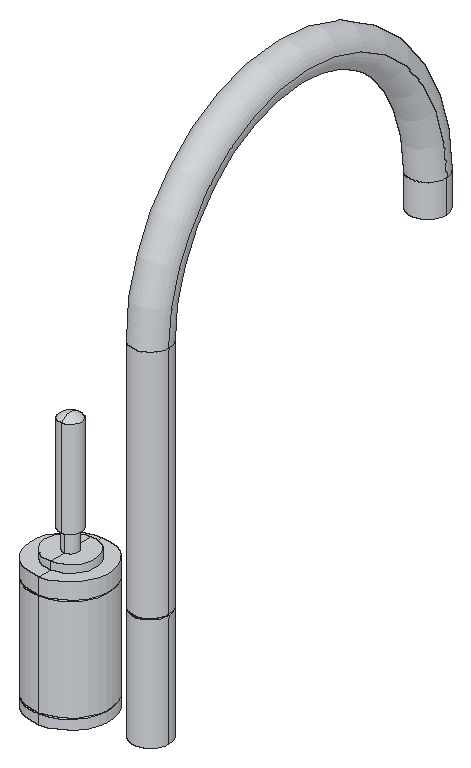
Revit family "Tap Kitchen (2)", category 위생기구, Revit 2026
Family settings
  원형 커넥터 치수 = 지름 사용
  부품 유형 = 보통
  작업 기준면 기반 = 아니오
  뷰에서 절단 사용 = 아니오
  항상 수직 = 예
  로드될 때 보이드를 사용하여 절단 = 아니오
  주석 방향 유지 = 아니오
  공유 = 아니오
  룸 계산 점 = 아니오
Parameters
  기본 높이 = 0 mm
  Materiale = none
  제조업체 = "Revit"
  설명 = "Rubinetto Cucina"
  Assembly Code = ""
Reference planes
  plane 1 "Center (Front/Back)": y = 0
  plane 2: z = 0
  plane 3 "Center (Left/Right)": x = 0
  plane 4: x = -50.985
  plane 5: z = 73.393
Forms (mm)
  Sweep 1, solid, material <- "Materiale"
    path origin (0, 0, 0) x (0, 1, 0) y (0, 0, 1)
      loop
        arc (221.277, 226.379) -> (110.788, 336.868) -> (0.3, 226.379) r 110.488
        line (0.3, 226.379) -> (0.3, 0)
    profile origin (0, 0, 113.19) x (1, 0, 0) y (0, 1, 0)
      loop
        circle (0, 0.3) r 12
  Extrusion 2, solid, material <- "Materiale"
    sketch origin (0, 221.277, 226.379) x (1, 0, 0) y (0, -1, 0)
      loop
        circle (0, 0) r 12
    from 0 to 20.964
  Revolve 3, void
    sketch origin (0, 0, 0) x (0, -1, 0) y (0, 0, 1)
      loop
        line (-13.375, 73.393) -> (-11.408, 73.393) -> (-11.408, 74.315) -> (-13.375, 74.315) -> (-13.375, 73.393)
      axis (-0.3, 73.393) -> (-0.3, 74.393)
    angle from 0 to 360
  Revolve 4, solid
    sketch origin (-50.985, -52.018, 0) x (0, -1, 0) y (0, 0, 1)
      loop
        line (-77.614, 7.048) -> (-75.64, 7.048) -> (-75.64, 6.126) -> (-77.614, 6.126) -> (-77.614, 0) -> (-52.318, 0) -> (-52.318, 167.68)
        arc (-52.318, 167.68) -> (-56.183, 166.657) -> (-59.466, 164.376) r 11.534
        line (-59.466, 164.376) -> (-59.466, 101.816) -> (-57.101, 101.816) -> (-57.101, 89.427) -> (-68.42, 89.427) -> (-68.42, 84.643) -> (-77.614, 84.643) -> (-77.614, 74.315) -> (-75.64, 74.315) -> (-75.64, 73.393) -> (-77.614, 73.393) -> (-77.614, 7.048)
      axis (-52.318, 0) -> (-52.318, 167.68)
    angle from 0 to 360
Cuts and joins
  Revolve 3 cuts Sweep 1
  Revolve 3 cuts Extrusion 2
Dimensions and locks
  aligned and locked: Extrusion 2 sketch curve to Sweep 1  (x2)
